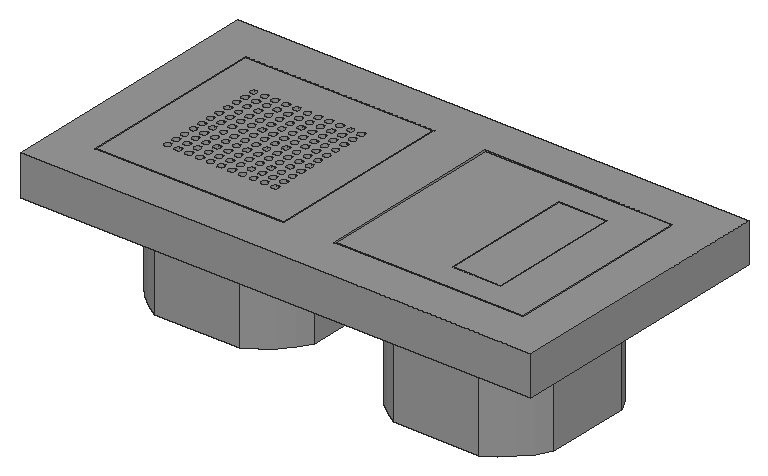
Revit family "Gira_2280005", category Electrical Fixtures, host Face, Revit 2017
Family settings
  Host = Face
  Maintain Annotation Orientation = Yes
  Round Connector Dimension = Use Diameter
  Part Type = Normal
  Cut with Voids When Loaded = No
  Shared = No
  Room Calculation Point = No
Parameters (values of type "UP-Radio RDS Lautsprecher System 55 Schwarz m")
  Zusammenstellung = "Basiselement"
  Werkstoffgüte = "sonstige"
  Werkstoff = "sonstige"
  URL = "http://katalog.gira.de/de_DE/datenblatt.html?artikelnr=2280005"
  Transparent = "No"
  Region = "DE"
  Oberfläche = "sonstige"
  Name = "UP-Radio RDS Lautsprecher System 55 Schwarz m"
  Montageart = "unter Putz"
  Manufacturer URL = "https://www.gira.de/"
  Keynote = "Sys55_Komplettgerät_UP-Radio"
  HeinzeBIM = "https://bimportal.heinze.de/bim/up-radio-rds-lautsprecher-system-55-schwarz-m/a77b3f63fd2d244047b841a29407bcbf3f7ebc83"
  Halogenfrei = "No"
  HAN = "2280005"
  GTIN = "4010337038054"
  Farbe = "schwarz"
  Default Elevation = 1219.2 mm
  Data sheet (1) = "https://katalog.gira.de/de_DE/download.html?artikelnr=2280005"
  Category = "Elektronik-Gerät für Installationsschalterprogramme"
  Befestigungsart = "Krallen-/Schraubbefestigung"
  Available = "Yes"
  Ausführung der Oberfläche = "matt"
  Ausführung = "Radio (*en-EN)"
Reference planes
  plane 1 "Center (Front/Back)": y = 0
  plane 2 "Reference Level 0": z = 0
  plane 3 "Center (Left/Right)": x = 0
  plane 4 "Reference Level 1": z = 11.9
Forms (mm)
  Extrusion 1, solid, material "White", detail levels medium+fine
    sketch origin (0, 0, 0) x (1, 0, 0) y (0, 1, 0)
      loop
        line (-75.892, 40.342) -> (-75.892, -40.342) -> (75.892, -40.342) -> (75.892, 40.342) -> (-75.892, 40.342)
      loop
        line (-7.45, 28.1) -> (-63.65, 28.1) -> (-63.65, -28.1) -> (-7.45, -28.1) -> (-7.45, 28.1)
      loop
        line (7.45, 28.1) -> (7.45, -28.1) -> (63.65, -28.1) -> (63.65, 28.1) -> (7.45, 28.1)
    from 0 to 11.9
  Extrusion 2, solid, material "White", detail levels fine
    sketch origin (0, 0, 0) x (1, 0, 0) y (0, 1, 0)
      loop
        circle (-19.55, 16) r 1
      loop
        circle (-22.75, 16) r 1
      loop
        circle (-25.95, 16) r 1
      loop
        circle (-29.15, 16) r 1
      loop
        circle (-32.35, 16) r 1
      loop
        circle (-35.55, 16) r 1
      loop
        circle (-38.75, 16) r 1
      loop
        circle (-41.95, 16) r 1
      loop
        circle (-45.15, 16) r 1
      loop
        circle (-48.35, 16) r 1
      loop
        circle (-51.55, 16) r 1
      loop
        circle (-19.55, 12.8) r 1
      loop
        circle (-22.75, 12.8) r 1
      loop
        circle (-25.95, 12.8) r 1
      loop
        circle (-29.15, 12.8) r 1
      loop
        circle (-32.35, 12.8) r 1
      loop
        circle (-35.55, 12.8) r 1
      loop
        circle (-38.75, 12.8) r 1
      loop
        circle (-41.95, 12.8) r 1
      loop
        circle (-45.15, 12.8) r 1
      loop
        circle (-48.35, 12.8) r 1
      loop
        circle (-51.55, 12.8) r 1
      loop
        circle (-19.55, 9.6) r 1
      loop
        circle (-22.75, 9.6) r 1
      loop
        circle (-25.95, 9.6) r 1
      loop
        circle (-29.15, 9.6) r 1
      loop
        circle (-32.35, 9.6) r 1
      loop
        circle (-35.55, 9.6) r 1
      loop
        circle (-38.75, 9.6) r 1
      loop
        circle (-41.95, 9.6) r 1
      loop
        circle (-45.15, 9.6) r 1
      loop
        circle (-48.35, 9.6) r 1
      loop
        circle (-51.55, 9.6) r 1
      loop
        circle (-19.55, 6.4) r 1
      loop
        circle (-22.75, 6.4) r 1
      loop
        circle (-25.95, 6.4) r 1
      loop
        circle (-29.15, 6.4) r 1
      loop
        circle (-32.35, 6.4) r 1
      loop
        circle (-35.55, 6.4) r 1
      loop
        circle (-38.75, 6.4) r 1
      loop
        circle (-41.95, 6.4) r 1
      loop
        circle (-45.15, 6.4) r 1
      loop
        circle (-48.35, 6.4) r 1
      loop
        circle (-51.55, 6.4) r 1
      loop
        circle (-19.55, 3.2) r 1
      loop
        circle (-22.75, 3.2) r 1
      loop
        circle (-25.95, 3.2) r 1
      loop
        circle (-29.15, 3.2) r 1
      loop
        circle (-32.35, 3.2) r 1
      loop
        circle (-35.55, 3.2) r 1
      loop
        circle (-38.75, 3.2) r 1
      loop
        circle (-41.95, 3.2) r 1
      loop
        circle (-45.15, 3.2) r 1
      loop
        circle (-48.35, 3.2) r 1
      loop
        circle (-51.55, 3.2) r 1
      loop
        circle (-19.55, 0) r 1
      loop
        circle (-22.75, 0) r 1
      loop
        circle (-25.95, 0) r 1
      loop
        circle (-29.15, 0) r 1
      loop
        circle (-32.35, 0) r 1
      loop
        circle (-35.55, 0) r 1
      loop
        circle (-38.75, 0) r 1
      loop
        circle (-41.95, 0) r 1
      loop
        circle (-45.15, 0) r 1
      loop
        circle (-48.35, 0) r 1
      loop
        circle (-51.55, 0) r 1
      loop
        circle (-19.55, -3.2) r 1
      loop
        circle (-22.75, -3.2) r 1
      loop
        circle (-25.95, -3.2) r 1
      loop
        circle (-29.15, -3.2) r 1
      loop
        circle (-32.35, -3.2) r 1
      loop
        circle (-35.55, -3.2) r 1
      loop
        circle (-38.75, -3.2) r 1
      loop
        circle (-41.95, -3.2) r 1
      loop
        circle (-45.15, -3.2) r 1
      loop
        circle (-48.35, -3.2) r 1
      loop
        circle (-51.55, -3.2) r 1
      loop
        circle (-19.55, -6.4) r 1
      loop
        circle (-22.75, -6.4) r 1
      loop
        circle (-25.95, -6.4) r 1
      loop
        circle (-29.15, -6.4) r 1
      loop
        circle (-32.35, -6.4) r 1
      loop
        circle (-35.55, -6.4) r 1
      loop
        circle (-38.75, -6.4) r 1
      loop
        circle (-41.95, -6.4) r 1
      loop
        circle (-45.15, -6.4) r 1
      loop
        circle (-48.35, -6.4) r 1
      loop
        circle (-51.55, -6.4) r 1
      loop
        circle (-19.55, -9.6) r 1
      loop
        circle (-22.75, -9.6) r 1
      loop
        circle (-25.95, -9.6) r 1
      loop
        circle (-29.15, -9.6) r 1
      loop
        circle (-32.35, -9.6) r 1
      loop
        circle (-35.55, -9.6) r 1
      loop
        circle (-38.75, -9.6) r 1
      loop
        circle (-41.95, -9.6) r 1
      loop
        circle (-45.15, -9.6) r 1
      loop
        circle (-48.35, -9.6) r 1
      loop
        circle (-51.55, -9.6) r 1
      loop
        circle (-19.55, -12.8) r 1
      loop
        circle (-22.75, -12.8) r 1
      loop
        circle (-25.95, -12.8) r 1
      loop
        circle (-29.15, -12.8) r 1
      loop
        circle (-32.35, -12.8) r 1
      loop
        circle (-35.55, -12.8) r 1
      loop
        circle (-38.75, -12.8) r 1
      loop
        circle (-41.95, -12.8) r 1
      loop
        circle (-45.15, -12.8) r 1
      loop
        circle (-48.35, -12.8) r 1
      loop
        circle (-51.55, -12.8) r 1
      loop
        circle (-19.55, -16) r 1
      loop
        circle (-22.75, -16) r 1
      loop
        circle (-25.95, -16) r 1
      loop
        circle (-29.15, -16) r 1
      loop
        circle (-32.35, -16) r 1
      loop
        circle (-35.55, -16) r 1
      loop
        circle (-38.75, -16) r 1
      loop
        circle (-41.95, -16) r 1
      loop
        circle (-45.15, -16) r 1
      loop
        circle (-48.35, -16) r 1
      loop
        circle (-51.55, -16) r 1
      loop
        line (-63.25, 27.7) -> (-63.25, -27.7) -> (-7.85, -27.7) -> (-7.85, 27.7) -> (-63.25, 27.7)
    from 0 to 11.9
  Extrusion 3, solid, material "White", detail levels fine
    sketch origin (0, 0, 0) x (1, 0, 0) y (0, 1, 0)
      loop
        line (7.95, 27.7) -> (7.95, -27.7) -> (63.35, -27.7) -> (63.35, 27.7) -> (7.95, 27.7)
      loop
        line (35.999, -19.679) -> (50.301, -19.679) -> (50.229, 19.679) -> (36.071, 19.679) -> (35.999, -19.679)
    from 0 to 11.9
  Extrusion 4, solid, material "White", detail levels fine
    sketch origin (0, 0, 0) x (1, 0, 0) y (0, 1, 0)
      loop
        line (35.999, -19.679) -> (50.301, -19.679) -> (50.229, 19.679) -> (36.071, 19.679) -> (35.999, -19.679)
    from 0 to 11.9
  Extrusion 5, solid, material "White", detail levels medium
    sketch origin (0, 0, 0) x (1, 0, 0) y (0, 1, 0)
      loop
        line (-63.65, 28.1) -> (-63.65, -28.1) -> (-7.45, -28.1) -> (-7.45, 28.1) -> (-63.65, 28.1)
    from 0 to 11.9
  Extrusion 6, solid, material "White", detail levels medium
    sketch origin (0, 0, 0) x (1, 0, 0) y (0, 1, 0)
      loop
        line (7.45, 28.1) -> (7.45, -28.1) -> (63.65, -28.1) -> (63.65, 28.1) -> (7.45, 28.1)
    from 0 to 11.9
  Extrusion 7, solid, material "Grey", detail levels fine
    sketch origin (0, 0, 0) x (1, 0, 0) y (0, 1, 0)
      loop
        arc (10.55, -12.61) -> (15.751, -19.799) -> (22.94, -25) r 28
        line (22.94, -25) -> (48.16, -25)
        arc (48.16, -25) -> (55.349, -19.799) -> (60.55, -12.61) r 28
        line (60.55, -12.61) -> (60.55, 12.61)
        arc (60.55, 12.61) -> (55.349, 19.799) -> (48.16, 25) r 28
        line (48.16, 25) -> (22.94, 25)
        arc (22.94, 25) -> (15.751, 19.799) -> (10.55, 12.61) r 28
        line (10.55, 12.61) -> (10.55, -12.61)
    from 0 to -31.7
  Extrusion 8, solid, material "Grey", detail levels fine
    sketch origin (0, 0, 0) x (-1, 0, 0) y (0, -1, 0)
      loop
        line (10.55, 12.61) -> (10.55, -12.61)
        arc (10.55, -12.61) -> (15.751, -19.799) -> (22.94, -25) r 28
        line (22.94, -25) -> (48.16, -25)
        arc (48.16, -25) -> (55.349, -19.799) -> (60.55, -12.61) r 28
        line (60.55, -12.61) -> (60.55, 12.61)
        arc (60.55, 12.61) -> (55.349, 19.799) -> (48.16, 25) r 28
        line (48.16, 25) -> (22.94, 25)
        arc (22.94, 25) -> (15.751, 19.799) -> (10.55, 12.61) r 28
    from 0 to -28
  Extrusion 9, solid, detail levels medium
    sketch origin (0, 0, 0) x (-1, 0, 0) y (0, -1, 0)
      loop
        line (10.55, 25) -> (10.55, -25) -> (60.55, -25) -> (60.55, 25) -> (10.55, 25)
    from 0 to -28
  Extrusion 10, solid, detail levels medium
    sketch origin (0, 0, 0) x (1, 0, 0) y (0, 1, 0)
      loop
        line (10.55, -25) -> (60.55, -25) -> (60.55, 25) -> (10.55, 25) -> (10.55, -25)
    from 0 to -31.7
  Extrusion 11, solid, material "Grey", detail levels coarse
    sketch origin (0, 0, 0) x (1, 0, 0) y (0, 1, 0)
      loop
        line (-75.892, 40.342) -> (-75.892, -40.342) -> (75.892, -40.342) -> (75.892, 40.342) -> (-75.892, 40.342)
    from -31.7 to 11.9
Cuts and joins
  joined: Extrusion 7, Extrusion 8
  joined: Extrusion 9, Extrusion 10
Dimensions and locks
  aligned and locked: plane 2 "Reference Level 0" to host face
  aligned and locked: level to host face
Nested families
  nested 1: "Radio Beschriftung" at (0, 0, 0) x (0, 1, 0) z (0, 0, 1), type "Radio Beschriftung"
Connectors
  electrical at (-35.55, 0, -28)
    settings: on cut or joined group of Extrusion 7, Extrusion 8, index 1, voltage 220 V, apparent load 0 VA, apparent load phase1 0 VA, apparent load phase2 0 VA, apparent load phase3 0 VA, power factor 1, load classification "Other", number of poles 1, system type 31, power factor state 1, is connector primary yes, connector utility no, sub classification motor no, connector description ""
Definition of nested family "Radio Beschriftung"
  Reference planes
    plane 1: y = 0
    plane 2: x = 0
  Lines and regions (mm)
    detail lines
      curve 1: line (0, 1, 0) -> (3, 1, 0)
      curve 2: line (0, -1, 0) -> (0, 1, 0)
      curve 3: line (3, -1, 0) -> (0, -1, 0)
      curve 4: line (3, 1, 0) -> (3, -1, 0)
      curve 5: line (2, 1, 0) -> (2, -1, 0)
      curve 6: line (3, 1, 0) -> (2, 0.49, 0)
      curve 7: line (3, -1, 0) -> (2, -0.49, 0)
  Dimensions and locks
    curve 2 to curve 4 = 3 mm
    curve 3 to curve 1 = 2 mm
